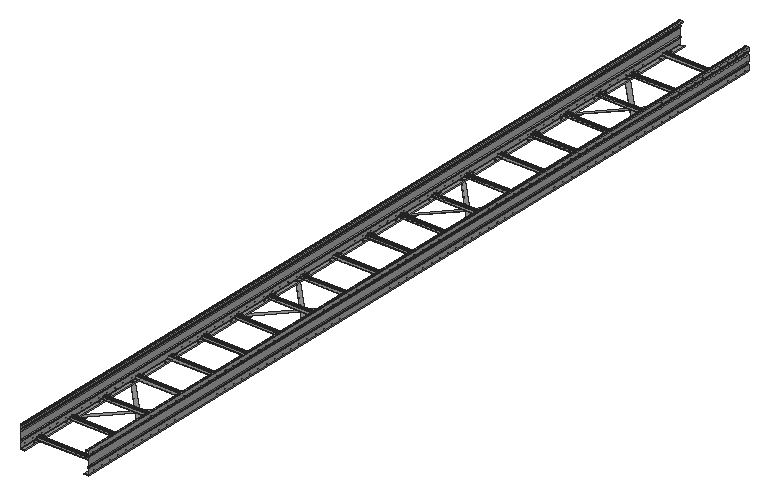
Revit family "Weitspannkabelleiter-WKLG 1650gelochter Seitenholm, FS,FT,FT SO,A4", category Generic Models, Revit 2017 (continued)
Dimensions and locks
  locked: Extrusion 47 sketch curve to Extrusion 47 sketch curve at 9
  locked: Extrusion 48 sketch curve to Extrusion 48 sketch curve at 25
  locked: Extrusion 48 sketch curve to Extrusion 48 sketch curve at 9
  locked: Extrusion 49 sketch curve to Extrusion 49 sketch curve at 25
  locked: Extrusion 49 sketch curve to Extrusion 49 sketch curve at 9
  locked: Extrusion 50 sketch curve to Extrusion 50 sketch curve at 25
  locked: Extrusion 50 sketch curve to Extrusion 50 sketch curve at 9
  locked: Extrusion 51 sketch curve to Extrusion 51 sketch curve at 25
  locked: Extrusion 51 sketch curve to Extrusion 51 sketch curve at 9
  locked: Extrusion 52 sketch curve to Extrusion 52 sketch curve at 25
  locked: Extrusion 52 sketch curve to Extrusion 52 sketch curve at 9
  locked: Extrusion 53 sketch curve to Extrusion 53 sketch curve at 25
  locked: Extrusion 53 sketch curve to Extrusion 53 sketch curve at 9
  locked: Extrusion 54 sketch curve to Extrusion 54 sketch curve at 25
  locked: Extrusion 54 sketch curve to Extrusion 54 sketch curve at 9
  locked: Extrusion 55 sketch curve to Extrusion 55 sketch curve at 25
  locked: Extrusion 55 sketch curve to Extrusion 55 sketch curve at 9
  locked: Extrusion 56 sketch curve to Extrusion 56 sketch curve at 25
  locked: Extrusion 56 sketch curve to Extrusion 56 sketch curve at 9
  locked: Extrusion 57 sketch curve to Extrusion 57 sketch curve at 25
  locked: Extrusion 57 sketch curve to Extrusion 57 sketch curve at 9
  locked: Extrusion 58 sketch curve to Extrusion 58 sketch curve at 25
  locked: Extrusion 58 sketch curve to Extrusion 58 sketch curve at 9
  locked: Extrusion 59 sketch curve to Extrusion 59 sketch curve at 25
  locked: Extrusion 59 sketch curve to Extrusion 59 sketch curve at 9
  locked: Extrusion 60 sketch curve to Extrusion 60 sketch curve at 25
  locked: Extrusion 60 sketch curve to Extrusion 60 sketch curve at 9
  locked: Extrusion 61 sketch curve to Extrusion 61 sketch curve at 25
  locked: Extrusion 61 sketch curve to Extrusion 61 sketch curve at 9
  locked: Extrusion 62 sketch curve to Extrusion 62 sketch curve at 25
  locked: Extrusion 62 sketch curve to Extrusion 62 sketch curve at 9
  locked: Extrusion 63 sketch curve to Extrusion 63 sketch curve at 25
  locked: Extrusion 63 sketch curve to Extrusion 63 sketch curve at 9
  locked: Extrusion 64 sketch curve to Extrusion 64 sketch curve at 25
  locked: Extrusion 64 sketch curve to Extrusion 64 sketch curve at 9
  locked: Extrusion 65 sketch curve to Extrusion 65 sketch curve at 25
  locked: Extrusion 65 sketch curve to Extrusion 65 sketch curve at 9
  locked: Extrusion 66 sketch curve to Extrusion 66 sketch curve at 25
  locked: Extrusion 66 sketch curve to Extrusion 66 sketch curve at 9
  locked: Extrusion 67 sketch curve to Extrusion 67 sketch curve at 25
  locked: Extrusion 67 sketch curve to Extrusion 67 sketch curve at 9
  locked: Extrusion 68 sketch curve to Extrusion 68 sketch curve at 25
  locked: Extrusion 68 sketch curve to Extrusion 68 sketch curve at 9
  locked: Extrusion 69 sketch curve to Extrusion 69 sketch curve at 25
  locked: Extrusion 69 sketch curve to Extrusion 69 sketch curve at 9
  locked: Extrusion 70 sketch curve to Extrusion 70 sketch curve at 25
  locked: Extrusion 70 sketch curve to Extrusion 70 sketch curve at 9
  locked: Extrusion 71 sketch curve to Extrusion 71 sketch curve at 25
  locked: Extrusion 71 sketch curve to Extrusion 71 sketch curve at 9
  locked: Extrusion 72 sketch curve to Extrusion 72 sketch curve at 25
  locked: Extrusion 72 sketch curve to Extrusion 72 sketch curve at 9
  locked: Extrusion 73 sketch curve to Extrusion 73 sketch curve at 25
  locked: Extrusion 73 sketch curve to Extrusion 73 sketch curve at 9
  locked: Extrusion 74 sketch curve to Extrusion 74 sketch curve at 25
  locked: Extrusion 74 sketch curve to Extrusion 74 sketch curve at 9
  locked: Extrusion 75 sketch curve to Extrusion 75 sketch curve at 25
  locked: Extrusion 75 sketch curve to Extrusion 75 sketch curve at 9
  locked: Extrusion 76 sketch curve to Extrusion 76 sketch curve at 25
  locked: Extrusion 76 sketch curve to Extrusion 76 sketch curve at 9
  locked: Extrusion 77 sketch curve to Extrusion 77 sketch curve at 25
  locked: Extrusion 77 sketch curve to Extrusion 77 sketch curve at 9
  locked: Extrusion 78 sketch curve to Extrusion 78 sketch curve at 25
  locked: Extrusion 78 sketch curve to Extrusion 78 sketch curve at 9
  locked: Extrusion 79 sketch curve to Extrusion 79 sketch curve at 25
  locked: Extrusion 79 sketch curve to Extrusion 79 sketch curve at 9
  locked: Extrusion 80 sketch curve to Extrusion 80 sketch curve at 25
  locked: Extrusion 80 sketch curve to Extrusion 80 sketch curve at 9
  locked: Extrusion 81 sketch curve to Extrusion 81 sketch curve at 25
  locked: Extrusion 81 sketch curve to Extrusion 81 sketch curve at 9
  locked: Extrusion 82 sketch curve to Extrusion 82 sketch curve at 25
  locked: Extrusion 82 sketch curve to Extrusion 82 sketch curve at 9
  locked: Extrusion 83 sketch curve to Extrusion 83 sketch curve at 25
  locked: Extrusion 83 sketch curve to Extrusion 83 sketch curve at 9
  locked: Extrusion 84 sketch curve to Extrusion 84 sketch curve at 25
  locked: Extrusion 84 sketch curve to Extrusion 84 sketch curve at 9
  locked: Extrusion 85 sketch curve to Extrusion 85 sketch curve at 25
  locked: Extrusion 85 sketch curve to Extrusion 85 sketch curve at 9
  locked: Extrusion 86 sketch curve to Extrusion 86 sketch curve at 25
  locked: Extrusion 86 sketch curve to Extrusion 86 sketch curve at 9
  locked: Extrusion 87 sketch curve to Extrusion 87 sketch curve at 25
  locked: Extrusion 87 sketch curve to Extrusion 87 sketch curve at 9
  locked: Extrusion 88 sketch curve to Extrusion 88 sketch curve at 25
  locked: Extrusion 88 sketch curve to Extrusion 88 sketch curve at 9
  locked: Extrusion 89 sketch curve to Extrusion 89 sketch curve at 25
  locked: Extrusion 89 sketch curve to Extrusion 89 sketch curve at 9
  locked: Extrusion 90 sketch curve to Extrusion 90 sketch curve at 25
  locked: Extrusion 90 sketch curve to Extrusion 90 sketch curve at 9
  locked: Extrusion 91 sketch curve to Extrusion 91 sketch curve at 25
  locked: Extrusion 91 sketch curve to Extrusion 91 sketch curve at 9
  locked: Extrusion 92 sketch curve to Extrusion 92 sketch curve at 25
  locked: Extrusion 92 sketch curve to Extrusion 92 sketch curve at 9
  locked: Extrusion 93 sketch curve to Extrusion 93 sketch curve at 25
  locked: Extrusion 93 sketch curve to Extrusion 93 sketch curve at 9
  locked: Extrusion 94 sketch curve to Extrusion 94 sketch curve at 25
  locked: Extrusion 94 sketch curve to Extrusion 94 sketch curve at 9
  locked: Extrusion 95 sketch curve to Extrusion 95 sketch curve at 25
  locked: Extrusion 95 sketch curve to Extrusion 95 sketch curve at 9
  locked: Extrusion 96 sketch curve to Extrusion 96 sketch curve at 25
  locked: Extrusion 96 sketch curve to Extrusion 96 sketch curve at 9
  locked: Extrusion 97 sketch curve to Extrusion 97 sketch curve at 25
  locked: Extrusion 97 sketch curve to Extrusion 97 sketch curve at 9
  locked: Extrusion 98 sketch curve to Extrusion 98 sketch curve at 25
  locked: Extrusion 98 sketch curve to Extrusion 98 sketch curve at 9
  locked: Extrusion 99 sketch curve to Extrusion 99 sketch curve at 25
  locked: Extrusion 99 sketch curve to Extrusion 99 sketch curve at 9
  locked: Extrusion 100 sketch curve to Extrusion 100 sketch curve at 25
  locked: Extrusion 100 sketch curve to Extrusion 100 sketch curve at 9
  locked: Extrusion 101 sketch curve to Extrusion 101 sketch curve at 25
  locked: Extrusion 101 sketch curve to Extrusion 101 sketch curve at 9
  locked: Extrusion 102 sketch curve to Extrusion 102 sketch curve at 25
  locked: Extrusion 102 sketch curve to Extrusion 102 sketch curve at 9
  locked: Extrusion 103 sketch curve to Extrusion 103 sketch curve at 25
  locked: Extrusion 103 sketch curve to Extrusion 103 sketch curve at 9
  locked: Extrusion 104 sketch curve to Extrusion 104 sketch curve at 25
  locked: Extrusion 104 sketch curve to Extrusion 104 sketch curve at 9
  locked: Extrusion 105 sketch curve to Extrusion 105 sketch curve at 25
  locked: Extrusion 105 sketch curve to Extrusion 105 sketch curve at 9
  locked: Extrusion 106 sketch curve to Extrusion 106 sketch curve at 25
  locked: Extrusion 106 sketch curve to Extrusion 106 sketch curve at 9
  locked: Extrusion 107 sketch curve to Extrusion 107 sketch curve at 25
  locked: Extrusion 107 sketch curve to Extrusion 107 sketch curve at 9
  locked: Extrusion 108 sketch curve to Extrusion 108 sketch curve at 25
  locked: Extrusion 108 sketch curve to Extrusion 108 sketch curve at 9
  locked: Extrusion 109 sketch curve to Extrusion 109 sketch curve at 25
  locked: Extrusion 109 sketch curve to Extrusion 109 sketch curve at 9
  locked: Extrusion 110 sketch curve to Extrusion 110 sketch curve at 25
  locked: Extrusion 110 sketch curve to Extrusion 110 sketch curve at 9
  locked: Extrusion 111 sketch curve to Extrusion 111 sketch curve at 25
  locked: Extrusion 111 sketch curve to Extrusion 111 sketch curve at 9
  locked: Extrusion 112 sketch curve to Extrusion 112 sketch curve at 25
  locked: Extrusion 112 sketch curve to Extrusion 112 sketch curve at 9
  locked: Extrusion 113 sketch curve to Extrusion 113 sketch curve at 25
  locked: Extrusion 113 sketch curve to Extrusion 113 sketch curve at 9
  locked: Extrusion 114 sketch curve to Extrusion 114 sketch curve at 25
  locked: Extrusion 114 sketch curve to Extrusion 114 sketch curve at 9
  locked: Extrusion 115 sketch curve to Extrusion 115 sketch curve at 25
  locked: Extrusion 115 sketch curve to Extrusion 115 sketch curve at 9
  locked: Extrusion 116 sketch curve to Extrusion 116 sketch curve at 25
  locked: Extrusion 116 sketch curve to Extrusion 116 sketch curve at 9
  locked: Extrusion 117 sketch curve to Extrusion 117 sketch curve at 25
  locked: Extrusion 117 sketch curve to Extrusion 117 sketch curve at 9
  locked: Extrusion 118 sketch curve to Extrusion 118 sketch curve at 25
  locked: Extrusion 118 sketch curve to Extrusion 118 sketch curve at 9
  locked: Extrusion 119 sketch curve to Extrusion 119 sketch curve at 25
  locked: Extrusion 119 sketch curve to Extrusion 119 sketch curve at 9
  locked: Extrusion 120 sketch curve to Extrusion 120 sketch curve at 25
  locked: Extrusion 120 sketch curve to Extrusion 120 sketch curve at 9
  locked: Extrusion 121 sketch curve to Extrusion 121 sketch curve at 25
  locked: Extrusion 121 sketch curve to Extrusion 121 sketch curve at 9
  locked: Extrusion 122 sketch curve to Extrusion 122 sketch curve at 25
  locked: Extrusion 122 sketch curve to Extrusion 122 sketch curve at 9
  locked: Extrusion 123 sketch curve to Extrusion 123 sketch curve at 25
  locked: Extrusion 123 sketch curve to Extrusion 123 sketch curve at 9
  locked: Extrusion 124 sketch curve to Extrusion 124 sketch curve at 25
  locked: Extrusion 124 sketch curve to Extrusion 124 sketch curve at 9
  locked: Extrusion 125 sketch curve to Extrusion 125 sketch curve at 25
  locked: Extrusion 125 sketch curve to Extrusion 125 sketch curve at 9
  locked: Extrusion 126 sketch curve to Extrusion 126 sketch curve at 25
  locked: Extrusion 126 sketch curve to Extrusion 126 sketch curve at 9
  locked: Extrusion 127 sketch curve to Extrusion 127 sketch curve at 25
  locked: Extrusion 127 sketch curve to Extrusion 127 sketch curve at 9
  locked: Extrusion 128 sketch curve to Extrusion 128 sketch curve at 25
  locked: Extrusion 128 sketch curve to Extrusion 128 sketch curve at 9
  locked: Extrusion 129 sketch curve to Extrusion 129 sketch curve at 25
  locked: Extrusion 129 sketch curve to Extrusion 129 sketch curve at 9
  locked: Extrusion 130 sketch curve to Extrusion 130 sketch curve at 25
  locked: Extrusion 130 sketch curve to Extrusion 130 sketch curve at 9
  locked: Extrusion 131 sketch curve to Extrusion 131 sketch curve at 25
  locked: Extrusion 131 sketch curve to Extrusion 131 sketch curve at 9
  locked: Extrusion 132 sketch curve to Extrusion 132 sketch curve at 25
  locked: Extrusion 132 sketch curve to Extrusion 132 sketch curve at 9
  locked: Extrusion 133 sketch curve to Extrusion 133 sketch curve at 25
  locked: Extrusion 133 sketch curve to Extrusion 133 sketch curve at 9
  locked: Extrusion 134 sketch curve to Extrusion 134 sketch curve at 25
  locked: Extrusion 134 sketch curve to Extrusion 134 sketch curve at 9
  locked: Extrusion 135 sketch curve to Extrusion 135 sketch curve at 25
  locked: Extrusion 135 sketch curve to Extrusion 135 sketch curve at 9
  locked: Extrusion 136 sketch curve to Extrusion 136 sketch curve at 25
  locked: Extrusion 136 sketch curve to Extrusion 136 sketch curve at 9
  locked: Extrusion 137 sketch curve to Extrusion 137 sketch curve at 25
  locked: Extrusion 137 sketch curve to Extrusion 137 sketch curve at 9
  locked: Extrusion 138 sketch curve to Extrusion 138 sketch curve at 25
  locked: Extrusion 138 sketch curve to Extrusion 138 sketch curve at 9
  locked: Extrusion 139 sketch curve to Extrusion 139 sketch curve at 25
  locked: Extrusion 139 sketch curve to Extrusion 139 sketch curve at 9
  locked: Extrusion 140 sketch curve to Extrusion 140 sketch curve at 25
  locked: Extrusion 140 sketch curve to Extrusion 140 sketch curve at 9
  locked: Extrusion 141 sketch curve to Extrusion 141 sketch curve at 25
  locked: Extrusion 141 sketch curve to Extrusion 141 sketch curve at 9
  locked: Extrusion 142 sketch curve to Extrusion 142 sketch curve at 25
  locked: Extrusion 142 sketch curve to Extrusion 142 sketch curve at 9
  locked: Extrusion 143 sketch curve to Extrusion 143 sketch curve at 25
  locked: Extrusion 143 sketch curve to Extrusion 143 sketch curve at 9
  locked: Extrusion 144 sketch curve to Extrusion 144 sketch curve at 25
  locked: Extrusion 144 sketch curve to Extrusion 144 sketch curve at 9
  locked: Extrusion 145 sketch curve to Extrusion 145 sketch curve at 25
  locked: Extrusion 145 sketch curve to Extrusion 145 sketch curve at 9
  locked: Extrusion 146 sketch curve to Extrusion 146 sketch curve at 25
  locked: Extrusion 146 sketch curve to Extrusion 146 sketch curve at 9
  locked: Extrusion 147 sketch curve to Extrusion 147 sketch curve at 25
  locked: Extrusion 147 sketch curve to Extrusion 147 sketch curve at 9
  locked: Extrusion 148 sketch curve to Extrusion 148 sketch curve at 25
  locked: Extrusion 148 sketch curve to Extrusion 148 sketch curve at 9
  locked: Extrusion 149 sketch curve to Extrusion 149 sketch curve at 25
  locked: Extrusion 149 sketch curve to Extrusion 149 sketch curve at 9
  locked: Extrusion 150 sketch curve to Extrusion 150 sketch curve at 25
  locked: Extrusion 150 sketch curve to Extrusion 150 sketch curve at 9
  locked: Extrusion 151 sketch curve to Extrusion 151 sketch curve at 25
  locked: Extrusion 151 sketch curve to Extrusion 151 sketch curve at 9
  locked: Extrusion 152 sketch curve to Extrusion 152 sketch curve at 25
  locked: Extrusion 152 sketch curve to Extrusion 152 sketch curve at 9
  locked: Extrusion 153 sketch curve to Extrusion 153 sketch curve at 25
  locked: Extrusion 153 sketch curve to Extrusion 153 sketch curve at 9
  locked: Extrusion 154 sketch curve to Extrusion 154 sketch curve at 25
  locked: Extrusion 154 sketch curve to Extrusion 154 sketch curve at 9
  locked: Extrusion 155 sketch curve to Extrusion 155 sketch curve at 25
  locked: Extrusion 155 sketch curve to Extrusion 155 sketch curve at 9
  locked: Extrusion 156 sketch curve to Extrusion 156 sketch curve at 25
  locked: Extrusion 156 sketch curve to Extrusion 156 sketch curve at 9
  locked: Extrusion 157 sketch curve to Extrusion 157 sketch curve at 25
  locked: Extrusion 157 sketch curve to Extrusion 157 sketch curve at 9
  locked: Extrusion 158 sketch curve to Extrusion 158 sketch curve at 25
  locked: Extrusion 158 sketch curve to Extrusion 158 sketch curve at 9
  locked: Extrusion 159 sketch curve to Extrusion 159 sketch curve at 25
  locked: Extrusion 159 sketch curve to Extrusion 159 sketch curve at 9
  locked: Extrusion 160 sketch curve to Extrusion 160 sketch curve at 25
  locked: Extrusion 160 sketch curve to Extrusion 160 sketch curve at 9
  locked: Extrusion 161 sketch curve to Extrusion 161 sketch curve at 25
  locked: Extrusion 161 sketch curve to Extrusion 161 sketch curve at 9
  locked: Extrusion 162 sketch curve to Extrusion 162 sketch curve at 25
  locked: Extrusion 162 sketch curve to Extrusion 162 sketch curve at 9
  locked: Extrusion 163 sketch curve to Extrusion 163 sketch curve at 25
  group 159 to group 160 = 0 mm  (x2)
  group 159 to group 160 = 120 mm
  locked: Extrusion 164 sketch curve to Extrusion 164 sketch curve at 25
  equal spacing: group 160, group 161, group 162, group 163, group 164, group 165, group 166, group 167, group 168, group 169, group 170, group 171, group 172, group 173, group 174, group 175, group 176, group 177, group 178, group 179, group 180, group 181, group 182, group 183, group 184, group 185, group 186, group 187, group 188, group 189, group 190, group 191, group 192, group 193, group 194, group 195, group 196, group 197, group 198, group 199, group 200, group 201, group 202, group 203, group 204, group 205, group 206, group 207, group 208, group 209, group 210, group 211, group 212, group 213, group 214, group 215, group 216, group 217, group 218, group 219, group 220, group 221, group 222, group 223, group 224, group 225, group 226, group 227, group 228, group 229, group 230, group 231, group 232, group 233, group 234, group 235, group 236, group 237, group 238, group 239  (x3)
  locked: Extrusion 165 sketch curve to Extrusion 165 sketch curve at 25
  locked: Extrusion 166 sketch curve to Extrusion 166 sketch curve at 25
  locked: Extrusion 167 sketch curve to Extrusion 167 sketch curve at 25
  locked: Extrusion 168 sketch curve to Extrusion 168 sketch curve at 25
  locked: Extrusion 169 sketch curve to Extrusion 169 sketch curve at 25
  locked: Extrusion 170 sketch curve to Extrusion 170 sketch curve at 25
  locked: Extrusion 171 sketch curve to Extrusion 171 sketch curve at 25
  locked: Extrusion 172 sketch curve to Extrusion 172 sketch curve at 25
  locked: Extrusion 173 sketch curve to Extrusion 173 sketch curve at 25
  locked: Extrusion 174 sketch curve to Extrusion 174 sketch curve at 25
  locked: Extrusion 175 sketch curve to Extrusion 175 sketch curve at 25
  locked: Extrusion 176 sketch curve to Extrusion 176 sketch curve at 25
  locked: Extrusion 177 sketch curve to Extrusion 177 sketch curve at 25
  locked: Extrusion 178 sketch curve to Extrusion 178 sketch curve at 25
  locked: Extrusion 179 sketch curve to Extrusion 179 sketch curve at 25
  locked: Extrusion 180 sketch curve to Extrusion 180 sketch curve at 25
  locked: Extrusion 181 sketch curve to Extrusion 181 sketch curve at 25
  locked: Extrusion 182 sketch curve to Extrusion 182 sketch curve at 25
  locked: Extrusion 183 sketch curve to Extrusion 183 sketch curve at 25
  locked: Extrusion 184 sketch curve to Extrusion 184 sketch curve at 25
  locked: Extrusion 185 sketch curve to Extrusion 185 sketch curve at 25
  locked: Extrusion 186 sketch curve to Extrusion 186 sketch curve at 25
  locked: Extrusion 187 sketch curve to Extrusion 187 sketch curve at 25
  locked: Extrusion 188 sketch curve to Extrusion 188 sketch curve at 25
  locked: Extrusion 189 sketch curve to Extrusion 189 sketch curve at 25
  locked: Extrusion 190 sketch curve to Extrusion 190 sketch curve at 25
  locked: Extrusion 191 sketch curve to Extrusion 191 sketch curve at 25
  locked: Extrusion 192 sketch curve to Extrusion 192 sketch curve at 25
  locked: Extrusion 193 sketch curve to Extrusion 193 sketch curve at 25
  locked: Extrusion 194 sketch curve to Extrusion 194 sketch curve at 25
  locked: Extrusion 195 sketch curve to Extrusion 195 sketch curve at 25
  locked: Extrusion 196 sketch curve to Extrusion 196 sketch curve at 25
  locked: Extrusion 197 sketch curve to Extrusion 197 sketch curve at 25
  locked: Extrusion 198 sketch curve to Extrusion 198 sketch curve at 25
  locked: Extrusion 199 sketch curve to Extrusion 199 sketch curve at 25
  locked: Extrusion 200 sketch curve to Extrusion 200 sketch curve at 25
  locked: Extrusion 201 sketch curve to Extrusion 201 sketch curve at 25
  locked: Extrusion 202 sketch curve to Extrusion 202 sketch curve at 25
  locked: Extrusion 203 sketch curve to Extrusion 203 sketch curve at 25
  locked: Extrusion 204 sketch curve to Extrusion 204 sketch curve at 25
  locked: Extrusion 205 sketch curve to Extrusion 205 sketch curve at 25
  locked: Extrusion 206 sketch curve to Extrusion 206 sketch curve at 25
  locked: Extrusion 207 sketch curve to Extrusion 207 sketch curve at 25
  locked: Extrusion 208 sketch curve to Extrusion 208 sketch curve at 25
  locked: Extrusion 209 sketch curve to Extrusion 209 sketch curve at 25
  locked: Extrusion 210 sketch curve to Extrusion 210 sketch curve at 25
  locked: Extrusion 211 sketch curve to Extrusion 211 sketch curve at 25
  locked: Extrusion 212 sketch curve to Extrusion 212 sketch curve at 25
  locked: Extrusion 213 sketch curve to Extrusion 213 sketch curve at 25
  locked: Extrusion 214 sketch curve to Extrusion 214 sketch curve at 25
  locked: Extrusion 215 sketch curve to Extrusion 215 sketch curve at 25
  locked: Extrusion 216 sketch curve to Extrusion 216 sketch curve at 25
  locked: Extrusion 217 sketch curve to Extrusion 217 sketch curve at 25
  locked: Extrusion 218 sketch curve to Extrusion 218 sketch curve at 25
  locked: Extrusion 219 sketch curve to Extrusion 219 sketch curve at 25
  locked: Extrusion 220 sketch curve to Extrusion 220 sketch curve at 25
  locked: Extrusion 221 sketch curve to Extrusion 221 sketch curve at 25
  locked: Extrusion 222 sketch curve to Extrusion 222 sketch curve at 25
  locked: Extrusion 223 sketch curve to Extrusion 223 sketch curve at 25
  locked: Extrusion 224 sketch curve to Extrusion 224 sketch curve at 25
  locked: Extrusion 225 sketch curve to Extrusion 225 sketch curve at 25
  locked: Extrusion 226 sketch curve to Extrusion 226 sketch curve at 25
  locked: Extrusion 227 sketch curve to Extrusion 227 sketch curve at 25
  locked: Extrusion 228 sketch curve to Extrusion 228 sketch curve at 25
  locked: Extrusion 229 sketch curve to Extrusion 229 sketch curve at 25
  locked: Extrusion 230 sketch curve to Extrusion 230 sketch curve at 25
  locked: Extrusion 231 sketch curve to Extrusion 231 sketch curve at 25
  locked: Extrusion 232 sketch curve to Extrusion 232 sketch curve at 25
  locked: Extrusion 233 sketch curve to Extrusion 233 sketch curve at 25
  locked: Extrusion 234 sketch curve to Extrusion 234 sketch curve at 25
  locked: Extrusion 235 sketch curve to Extrusion 235 sketch curve at 25
  locked: Extrusion 236 sketch curve to Extrusion 236 sketch curve at 25
  locked: Extrusion 237 sketch curve to Extrusion 237 sketch curve at 25
  locked: Extrusion 238 sketch curve to Extrusion 238 sketch curve at 25
  locked: Extrusion 239 sketch curve to Extrusion 239 sketch curve at 25
  locked: Extrusion 240 sketch curve to Extrusion 240 sketch curve at 25
  locked: Extrusion 241 sketch curve to Extrusion 241 sketch curve at 25
  locked: Extrusion 242 sketch curve to Extrusion 242 sketch curve at 25
  locked: Extrusion 243 sketch curve to Extrusion 243 sketch curve at 25
  equal spacing: group 159, group 240, group 241, group 242, group 243, group 244, group 245, group 246, group 247, group 248, group 249, group 250, group 251, group 252, group 253, group 254, group 255, group 256, group 257, group 258, group 259, group 260, group 261, group 262, group 263, group 264, group 265, group 266, group 267, group 268, group 269, group 270, group 271, group 272, group 273, group 274, group 275, group 276, group 277, group 278, group 279, group 280, group 281, group 282, group 283, group 284, group 285, group 286, group 287, group 288, group 289, group 290, group 291, group 292, group 293, group 294, group 295, group 296, group 297, group 298, group 299, group 300, group 301, group 302, group 303, group 304, group 305, group 306, group 307, group 308, group 309, group 310, group 311, group 312, group 313, group 314, group 315, group 316, group 317, group 318  (x3)
  locked: Extrusion 244 sketch curve to Extrusion 244 sketch curve at 25
  locked: Extrusion 245 sketch curve to Extrusion 245 sketch curve at 25
  locked: Extrusion 246 sketch curve to Extrusion 246 sketch curve at 25
  locked: Extrusion 247 sketch curve to Extrusion 247 sketch curve at 25
  locked: Extrusion 248 sketch curve to Extrusion 248 sketch curve at 25
  locked: Extrusion 249 sketch curve to Extrusion 249 sketch curve at 25
  locked: Extrusion 250 sketch curve to Extrusion 250 sketch curve at 25
  locked: Extrusion 251 sketch curve to Extrusion 251 sketch curve at 25
  locked: Extrusion 252 sketch curve to Extrusion 252 sketch curve at 25
  locked: Extrusion 253 sketch curve to Extrusion 253 sketch curve at 25
  locked: Extrusion 254 sketch curve to Extrusion 254 sketch curve at 25
  locked: Extrusion 255 sketch curve to Extrusion 255 sketch curve at 25
  locked: Extrusion 256 sketch curve to Extrusion 256 sketch curve at 25
  locked: Extrusion 257 sketch curve to Extrusion 257 sketch curve at 25
  locked: Extrusion 258 sketch curve to Extrusion 258 sketch curve at 25
  locked: Extrusion 259 sketch curve to Extrusion 259 sketch curve at 25
  locked: Extrusion 260 sketch curve to Extrusion 260 sketch curve at 25
  locked: Extrusion 261 sketch curve to Extrusion 261 sketch curve at 25
  locked: Extrusion 262 sketch curve to Extrusion 262 sketch curve at 25
  locked: Extrusion 263 sketch curve to Extrusion 263 sketch curve at 25
  locked: Extrusion 264 sketch curve to Extrusion 264 sketch curve at 25
  locked: Extrusion 265 sketch curve to Extrusion 265 sketch curve at 25
  locked: Extrusion 266 sketch curve to Extrusion 266 sketch curve at 25
  locked: Extrusion 267 sketch curve to Extrusion 267 sketch curve at 25
  locked: Extrusion 268 sketch curve to Extrusion 268 sketch curve at 25
  locked: Extrusion 269 sketch curve to Extrusion 269 sketch curve at 25
  locked: Extrusion 270 sketch curve to Extrusion 270 sketch curve at 25
  locked: Extrusion 271 sketch curve to Extrusion 271 sketch curve at 25
  locked: Extrusion 272 sketch curve to Extrusion 272 sketch curve at 25
  locked: Extrusion 273 sketch curve to Extrusion 273 sketch curve at 25
  locked: Extrusion 274 sketch curve to Extrusion 274 sketch curve at 25
  locked: Extrusion 275 sketch curve to Extrusion 275 sketch curve at 25
  locked: Extrusion 276 sketch curve to Extrusion 276 sketch curve at 25
  locked: Extrusion 277 sketch curve to Extrusion 277 sketch curve at 25
  locked: Extrusion 278 sketch curve to Extrusion 278 sketch curve at 25
  locked: Extrusion 279 sketch curve to Extrusion 279 sketch curve at 25
  locked: Extrusion 280 sketch curve to Extrusion 280 sketch curve at 25
  locked: Extrusion 281 sketch curve to Extrusion 281 sketch curve at 25
  locked: Extrusion 282 sketch curve to Extrusion 282 sketch curve at 25
  locked: Extrusion 283 sketch curve to Extrusion 283 sketch curve at 25
  locked: Extrusion 284 sketch curve to Extrusion 284 sketch curve at 25
  locked: Extrusion 285 sketch curve to Extrusion 285 sketch curve at 25
  locked: Extrusion 286 sketch curve to Extrusion 286 sketch curve at 25
  locked: Extrusion 287 sketch curve to Extrusion 287 sketch curve at 25
  locked: Extrusion 288 sketch curve to Extrusion 288 sketch curve at 25
  locked: Extrusion 289 sketch curve to Extrusion 289 sketch curve at 25
  locked: Extrusion 290 sketch curve to Extrusion 290 sketch curve at 25
  locked: Extrusion 291 sketch curve to Extrusion 291 sketch curve at 25
  locked: Extrusion 292 sketch curve to Extrusion 292 sketch curve at 25
  locked: Extrusion 293 sketch curve to Extrusion 293 sketch curve at 25
  locked: Extrusion 294 sketch curve to Extrusion 294 sketch curve at 25
  locked: Extrusion 295 sketch curve to Extrusion 295 sketch curve at 25
  locked: Extrusion 296 sketch curve to Extrusion 296 sketch curve at 25
  locked: Extrusion 297 sketch curve to Extrusion 297 sketch curve at 25
  locked: Extrusion 298 sketch curve to Extrusion 298 sketch curve at 25
  locked: Extrusion 299 sketch curve to Extrusion 299 sketch curve at 25
  locked: Extrusion 300 sketch curve to Extrusion 300 sketch curve at 25
  locked: Extrusion 301 sketch curve to Extrusion 301 sketch curve at 25
  locked: Extrusion 302 sketch curve to Extrusion 302 sketch curve at 25
  locked: Extrusion 303 sketch curve to Extrusion 303 sketch curve at 25
  locked: Extrusion 304 sketch curve to Extrusion 304 sketch curve at 25
  locked: Extrusion 305 sketch curve to Extrusion 305 sketch curve at 25
  locked: Extrusion 306 sketch curve to Extrusion 306 sketch curve at 25
  locked: Extrusion 307 sketch curve to Extrusion 307 sketch curve at 25
  locked: Extrusion 308 sketch curve to Extrusion 308 sketch curve at 25
  locked: Extrusion 309 sketch curve to Extrusion 309 sketch curve at 25
  locked: Extrusion 310 sketch curve to Extrusion 310 sketch curve at 25
  locked: Extrusion 311 sketch curve to Extrusion 311 sketch curve at 25
  locked: Extrusion 312 sketch curve to Extrusion 312 sketch curve at 25
  locked: Extrusion 313 sketch curve to Extrusion 313 sketch curve at 25
  locked: Extrusion 314 sketch curve to Extrusion 314 sketch curve at 25
  locked: Extrusion 315 sketch curve to Extrusion 315 sketch curve at 25
  locked: Extrusion 316 sketch curve to Extrusion 316 sketch curve at 25
  locked: Extrusion 317 sketch curve to Extrusion 317 sketch curve at 25
  locked: Extrusion 318 sketch curve to Extrusion 318 sketch curve at 25
  locked: Extrusion 319 sketch curve to Extrusion 319 sketch curve at 25
  locked: Extrusion 320 sketch curve to Extrusion 320 sketch curve at 25
  locked: Extrusion 321 sketch curve to Extrusion 321 sketch curve at 25
  locked: cut or joined group 1 (Extrusion 1, Extrusion 2, Extrusion 3, Extrusion 4, Extrusion 5, Extrusion 6, Extrusion 7, Extrusion 8, Extrusion 9, Extrusion 10, Extrusion 11, Extrusion 12, Extrusion 13, Extrusion 14, Extrusion 15, Extrusion 16, Extrusion 17, Extrusion 18, Extrusion 19, Extrusion 20, Extrusion 21, Extrusion 22, Extrusion 23, Extrusion 24, Extrusion 25, Extrusion 26, Extrusion 27, Extrusion 28, Extrusion 29, Extrusion 30, Extrusion 31, Extrusion 32, Extrusion 33, Extrusion 34, Extrusion 35, Extrusion 36, Extrusion 37, Extrusion 38, Extrusion 39, Extrusion 40, Extrusion 41, Extrusion 42, Extrusion 43, Extrusion 44, Extrusion 45, Extrusion 46, Extrusion 47, Extrusion 48, Extrusion 49, Extrusion 50, Extrusion 51, Extrusion 52, Extrusion 53, Extrusion 54, Extrusion 55, Extrusion 56, Extrusion 57, Extrusion 58, Extrusion 59, Extrusion 60, Extrusion 61, Extrusion 62, Extrusion 63, Extrusion 64, Extrusion 65, Extrusion 66, Extrusion 67, Extrusion 68, Extrusion 69, Extrusion 70, Extrusion 71, Extrusion 72, Extrusion 73, Extrusion 74, Extrusion 75, Extrusion 76, Extrusion 77, Extrusion 78, Extrusion 79, Extrusion 80, Extrusion 81, Extrusion 82, Extrusion 83, Extrusion 84, Extrusion 85, Extrusion 86, Extrusion 87, Extrusion 88, Extrusion 89, Extrusion 90, Extrusion 91, Extrusion 92, Extrusion 93, Extrusion 94, Extrusion 95, Extrusion 96, Extrusion 97, Extrusion 98, Extrusion 99, Extrusion 100, Extrusion 101, Extrusion 102, Extrusion 103, Extrusion 104, Extrusion 105, Extrusion 106, Extrusion 107, Extrusion 108, Extrusion 109, Extrusion 110, Extrusion 111, Extrusion 112, Extrusion 113, Extrusion 114, Extrusion 115, Extrusion 116, Extrusion 117, Extrusion 118, Extrusion 119, Extrusion 120, Extrusion 121, Extrusion 122, Extrusion 123, Extrusion 124, Extrusion 125, Extrusion 126, Extrusion 127, Extrusion 128, Extrusion 129, Extrusion 130, Extrusion 131, Extrusion 132, Extrusion 133, Extrusion 134, Extrusion 135, Extrusion 136, Extrusion 137, Extrusion 138, Extrusion 139, Extrusion 140, Extrusion 141, Extrusion 142, Extrusion 143, Extrusion 144, Extrusion 145, Extrusion 146, Extrusion 147, Extrusion 148, Extrusion 149, Extrusion 150, Extrusion 151, Extrusion 152, Extrusion 153, Extrusion 154, Extrusion 155, Extrusion 156, Extrusion 157, Extrusion 158, Extrusion 159, Extrusion 160, Extrusion 161, Extrusion 162, Extrusion 163, Extrusion 164, Extrusion 165, Extrusion 166, Extrusion 167, Extrusion 168, Extrusion 169, Extrusion 170, Extrusion 171, Extrusion 172, Extrusion 173, Extrusion 174, Extrusion 175, Extrusion 176, Extrusion 177, Extrusion 178, Extrusion 179, Extrusion 180, Extrusion 181, Extrusion 182, Extrusion 183, Extrusion 184, Extrusion 185, Extrusion 186, Extrusion 187, Extrusion 188, Extrusion 189, Extrusion 190, Extrusion 191, Extrusion 192, Extrusion 193, Extrusion 194, Extrusion 195, Extrusion 196, Extrusion 197, Extrusion 198, Extrusion 199, Extrusion 200, Extrusion 201, Extrusion 202, Extrusion 203, Extrusion 204, Extrusion 205, Extrusion 206, Extrusion 207, Extrusion 208, Extrusion 209, Extrusion 210, Extrusion 211, Extrusion 212, Extrusion 213, Extrusion 214, Extrusion 215, Extrusion 216, Extrusion 217, Extrusion 218, Extrusion 219, Extrusion 220, Extrusion 221, Extrusion 222, Extrusion 223, Extrusion 224, Extrusion 225, Extrusion 226, Extrusion 227, Extrusion 228, Extrusion 229, Extrusion 230, Extrusion 231, Extrusion 232, Extrusion 233, Extrusion 234, Extrusion 235, Extrusion 236, Extrusion 237, Extrusion 238, Extrusion 239, Extrusion 240, Extrusion 241, Extrusion 242, Extrusion 243, Extrusion 244, Extrusion 245, Extrusion 246, Extrusion 247, Extrusion 248, Extrusion 249, Extrusion 250, Extrusion 251, Extrusion 252, Extrusion 253, Extrusion 254, Extrusion 255, Extrusion 256, Extrusion 257, Extrusion 258, Extrusion 259, Extrusion 260, Extrusion 261, Extrusion 262, Extrusion 263, Extrusion 264, Extrusion 265, Extrusion 266, Extrusion 267, Extrusion 268, Extrusion 269, Extrusion 270, Extrusion 271, Extrusion 272, Extrusion 273, Extrusion 274, Extrusion 275, Extrusion 276, Extrusion 277, Extrusion 278, Extrusion 279, Extrusion 280, Extrusion 281, Extrusion 282, Extrusion 283, Extrusion 284, Extrusion 285, Extrusion 286, Extrusion 287, Extrusion 288, Extrusion 289, Extrusion 290, Extrusion 291, Extrusion 292, Extrusion 293, Extrusion 294, Extrusion 295, Extrusion 296, Extrusion 297, Extrusion 298, Extrusion 299, Extrusion 300, Extrusion 301, Extrusion 302, Extrusion 303, Extrusion 304, Extrusion 305, Extrusion 306, Extrusion 307, Extrusion 308, Extrusion 309, Extrusion 310, Extrusion 311, Extrusion 312, Extrusion 313, Extrusion 314, Extrusion 315, Extrusion 316, Extrusion 317, Extrusion 318, Extrusion 319, Extrusion 320, Extrusion 321, Extrusion 323, Extrusion 324, Extrusion 325, Extrusion 326, Extrusion 327, Extrusion 328, Extrusion 329, Extrusion 330, Extrusion 331, Extrusion 332, Extrusion 333, Extrusion 334, Extrusion 335, Extrusion 336, Extrusion 337, Extrusion 338, Extrusion 339, Extrusion 340, Extrusion 341, Extrusion 342, Extrusion 343, Extrusion 344, Extrusion 345, Extrusion 346, Extrusion 347, Extrusion 348, Extrusion 349, Extrusion 350, Extrusion 351, Extrusion 352, Extrusion 353, Extrusion 354, Extrusion 355, Extrusion 356, Extrusion 357, Extrusion 358, Extrusion 359, Extrusion 360, Extrusion 361, Extrusion 362, Extrusion 363, Extrusion 364, Extrusion 365, Extrusion 366, Extrusion 367, Extrusion 368, Extrusion 369, Extrusion 370, Extrusion 371, Extrusion 372, Extrusion 373, Extrusion 374, Extrusion 375, Extrusion 376, Extrusion 377, Extrusion 378, Extrusion 379, Extrusion 380, Extrusion 381, Extrusion 382, Extrusion 383, Extrusion 384, Extrusion 385, Extrusion 386, Extrusion 387, Extrusion 388, Extrusion 389, Extrusion 390, Extrusion 391, Extrusion 392, Extrusion 393, Extrusion 394, Extrusion 395, Extrusion 396, Extrusion 397, Extrusion 398, Extrusion 399, Extrusion 400, Extrusion 401, Extrusion 402, Extrusion 403, Extrusion 406, Extrusion 408, Extrusion 410, Extrusion 412, Extrusion 414, Extrusion 416, Extrusion 418, Extrusion 420, Extrusion 422, Extrusion 424, Extrusion 426, Extrusion 428, Extrusion 430, Extrusion 432, Extrusion 434, Extrusion 436, Extrusion 438, Extrusion 440, Extrusion 442) to plane 179 at 150.088
  locked: plane 179 to plane 180 at 300
  cut or joined group 1 to plane 181 = 20 mm
  locked: Extrusion 322 sketch curve to Extrusion 322 sketch curve at 1.5  (x3)
  locked: Extrusion 322 to Extrusion 322 at 1.5  (x6)
  locked: plane 179 to plane 184 at 50
  locked: plane 185 to plane 179 at 50
  locked: cut or joined group 1 to plane 186 at 18
  equal spacing: group 320, group 321, group 322, group 323, group 324, group 325, group 326, group 327, group 328, group 329, group 330, group 331, group 332, group 333, group 334, group 335, group 336, group 337, group 338, group 339  (x3)
  locked: plane 179 to plane 208 at 50
  locked: plane 209 to cut or joined group 1 at 18
  equal spacing: group 340, group 341, group 342, group 343, group 344, group 345, group 346, group 347, group 348, group 349, group 350, group 351, group 352, group 353, group 354, group 355, group 356, group 357, group 358, group 359  (x3)
